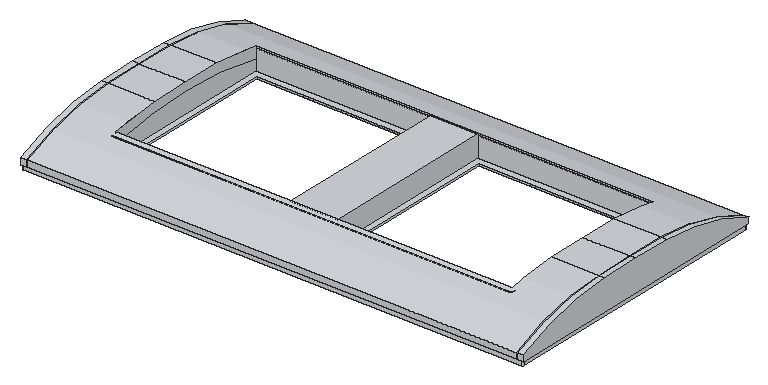
Revit family "Gira_021213", category Electrical Fixtures, host Face, Revit 2017
Family settings
  Host = Face
  Maintain Annotation Orientation = No
  Round Connector Dimension = Use Diameter
  Part Type = Normal
  Cut with Voids When Loaded = No
  Shared = No
  Room Calculation Point = No
Parameters (values of type "Cov.fr. 2-g interm.fr. AN Gira Event Opaque dark brown")
  With mounting grid = "No"
  With hinged lid = "No"
  URL = "http://katalog.gira.de/en/datenblatt.html?artikelnr=021213"
  Type of fastening = "Clamp mounting"
  Transparent = "No"
  Surface protection = "Other"
  Suitable for wall duct = "No"
  Suitable for flush-mounted installation = "Yes"
  Suitable for floor box = "No"
  Suitable for built-in installation = "No"
  Number of units vertical = "2"
  Number of units horizontal = "2"
  Number of units = "2"
  Name = "Cov.fr. 2-g interm.fr. AN Gira Event Opaque dark brown"
  Mounting direction = "Horizontal and vertical"
  Material quality = "Thermoplastic"
  Material = "Plastic"
  Manufacturer URL = "https://www.gira.de/"
  Manufacturer = "Gira"
  Label space/information surface = "No"
  Keynote = ""
  HeinzeBIM = "https://bimportal.heinze.de/bim/cov-fr-2-g-interm-fr-an-gira-event-opaque-dark-brown/13d77283cf392824c92996e879d47d07369f5f02"
  Halogen free = "Yes"
  HAN = "021213"
  GTIN = "4010337003106"
  Description = "Cov.fr.2g i.fr.AN EvOp DBN,Gira Event Opaque frames,dark brown with anthracite intermediate frame,2-gang,Features:,- Shatter-proof."
  Degree of protection (IP) = "IP20"
  Default Elevation = 1219.2 mm
  Data sheet (1) = "https://katalog.gira.de/en/download.html?artikelnr=021213"
  Colour = "Brown"
  Category = "Cover frame for domestic switching devices"
  BIM (1) = "https://media.stage.bim.site/public/gira/36a6b08/Event_Rahmen_2fach.rfa"
  Available = "No"
Reference planes
  plane 1 "Center (Front/Back)": y = 0
  plane 2: z = 0
  plane 3 "Center (Left/Right)": x = 0
Forms (mm)
  Extrusion 1, solid, detail levels fine
    sketch origin (0, 0, 0.05) x (0, 1, 0) y (0, 0, 1)
      loop
        arc (12.445, 9.683) -> (6.223, 9.833) -> (0, 9.85) r 291.636
        arc (0, 9.85) -> (-6.223, 9.833) -> (-12.445, 9.683) r 291.636
        arc (-12.445, 9.683) -> (-29.14, 7.482) -> (-45, 1.823) r 79.728
        line (-45, 1.823) -> (-45, -0.05) -> (-42.086, -0.05)
        arc (-42.086, -0.05) -> (-21.385, 5.559) -> (0, 7.206) r 114.424
        arc (0, 7.206) -> (21.385, 5.559) -> (42.086, -0.05) r 114.424
        line (42.086, -0.05) -> (45, -0.05) -> (45, 1.823)
        arc (45, 1.823) -> (29.14, 7.482) -> (12.445, 9.683) r 79.728
    from -78.55 to 78.55
  Extrusion 2, void, detail levels fine
    sketch origin (0, 0, 0) x (1, 0, 0) y (0, 1, 0)
      loop
        line (-63.55, -27.937) -> (63.55, -27.937) -> (63.55, 28.063) -> (-63.55, 28.063) -> (-63.55, -27.937)
    from 0.724 to 11
  Extrusion 3, solid, detail levels coarse
    sketch origin (0, 0, 0) x (1, 0, 0) y (0, 1, 0)
      loop
        line (-80.55, 45) -> (-80.55, -45) -> (80.55, -45) -> (80.55, 45) -> (-80.55, 45)
    from -1.5 to 9.9
  Extrusion 4, solid, detail levels medium
    sketch origin (0, 0, 0.05) x (0, 1, 0) y (0, 0, 1)
      loop
        arc (12.445, 9.683) -> (6.223, 9.833) -> (0, 9.85) r 291.636
        arc (0, 9.85) -> (-6.223, 9.833) -> (-12.445, 9.683) r 291.636
        arc (-12.445, 9.683) -> (-29.14, 7.482) -> (-45, 1.823) r 79.728
        line (-45, 1.823) -> (-45, -0.05) -> (45, -0.05) -> (45, 1.823)
        arc (45, 1.823) -> (29.14, 7.482) -> (12.445, 9.683) r 79.728
    from -80.55 to 80.55
  Extrusion 5, solid, detail levels fine
    sketch origin (-35.55, 0, -1.5) x (0, 1, 0) y (0, 0, -1)
      loop
        line (45, -3.373) -> (45, -1.5) -> (-45, -1.5) -> (-45, -3.373)
        arc (-45, -3.373) -> (-29.14, -9.032) -> (-12.445, -11.233) r 79.728
        arc (-12.445, -11.233) -> (-6.223, -11.383) -> (0, -11.4) r 291.636
        arc (0, -11.4) -> (6.223, -11.383) -> (12.445, -11.233) r 291.636
        arc (12.445, -11.233) -> (29.14, -9.032) -> (45, -3.373) r 79.728
    from 43 to 45
  Extrusion 6, solid, detail levels fine
    sketch origin (0, 0, 0) x (1, 0, 0) y (0, 1, 0)
      loop
        line (-61.45, 25.7) -> (-61.45, -25.7) -> (-9.65, -25.7) -> (-9.65, 25.7) -> (-61.45, 25.7)
      loop
        line (61.45, -25.7) -> (61.45, 25.7) -> (9.65, 25.7) -> (9.65, -25.7) -> (61.45, -25.7)
      loop
        line (-64.445, 28.49) -> (-64.445, -28.495)
        spline (-64.445, -28.495) -> (-64.436, -28.625) -> (-64.411, -28.754) -> (-64.369, -28.878) -> (-64.311, -28.995) -> (-64.238, -29.104) -> (-64.152, -29.202) -> (-64.054, -29.288) -> (-63.945, -29.361) -> (-63.828, -29.419) -> (-63.704, -29.461) -> (-63.575, -29.486) -> (-63.445, -29.495)
        line (-63.445, -29.495) -> (63.445, -29.495)
        spline (63.445, -29.495) -> (63.575, -29.486) -> (63.704, -29.461) -> (63.828, -29.419) -> (63.945, -29.361) -> (64.054, -29.288) -> (64.152, -29.202) -> (64.238, -29.104) -> (64.311, -28.995) -> (64.369, -28.878) -> (64.411, -28.754) -> (64.436, -28.625) -> (64.445, -28.495)
        line (64.445, -28.495) -> (64.445, 28.49)
        spline (64.445, 28.49) -> (64.436, 28.62) -> (64.411, 28.748) -> (64.369, 28.872) -> (64.311, 28.99) -> (64.238, 29.098) -> (64.152, 29.197) -> (64.054, 29.283) -> (63.945, 29.356) -> (63.828, 29.413) -> (63.704, 29.456) -> (63.575, 29.481) -> (63.445, 29.49)
        line (63.445, 29.49) -> (-63.445, 29.49)
        spline (-63.445, 29.49) -> (-63.575, 29.481) -> (-63.704, 29.456) -> (-63.828, 29.413) -> (-63.945, 29.356) -> (-64.054, 29.283) -> (-64.152, 29.197) -> (-64.238, 29.098) -> (-64.311, 28.99) -> (-64.369, 28.872) -> (-64.411, 28.748) -> (-64.436, 28.62) -> (-64.445, 28.49)
    from 0.1 to 7.3
  Extrusion 7, solid
    sketch origin (0, 0, 0) x (1, 0, 0) y (0, 1, 0)
      loop
        arc (-80.25, -44.2) -> (-80.104, -44.554) -> (-79.75, -44.7) r 0.5
        line (-79.75, -44.7) -> (79.75, -44.7)
        arc (79.75, -44.7) -> (80.104, -44.554) -> (80.25, -44.2) r 0.5
        line (80.25, -44.2) -> (80.25, 44.2)
        arc (80.25, 44.2) -> (80.104, 44.554) -> (79.75, 44.7) r 0.5
        line (79.75, 44.7) -> (-79.75, 44.7)
        arc (-79.75, 44.7) -> (-80.104, 44.554) -> (-80.25, 44.2) r 0.5
        line (-80.25, 44.2) -> (-80.25, -44.2)
      loop
        line (-78.55, 43) -> (-78.55, -43) -> (78.55, -43) -> (78.55, 43) -> (-78.55, 43)
    from -1.5 to 0.5
  Extrusion 8, solid, detail levels fine
    sketch origin (35.55, 0, -1.5) x (0, 1, 0) y (0, 0, 1)
      loop
        arc (45, 3.373) -> (29.14, 9.032) -> (12.445, 11.233) r 79.728
        arc (12.445, 11.233) -> (6.223, 11.383) -> (0, 11.4) r 291.636
        arc (0, 11.4) -> (-6.223, 11.383) -> (-12.445, 11.233) r 291.636
        arc (-12.445, 11.233) -> (-29.14, 9.032) -> (-45, 3.373) r 79.728
        line (-45, 3.373) -> (-45, 1.5) -> (45, 1.5) -> (45, 3.373)
    from 43 to 45
  Extrusion 9, solid, detail levels medium
    sketch origin (0, 0, 0) x (1, 0, 0) y (0, 1, 0)
      loop
        line (-80.25, -44.7) -> (80.25, -44.7) -> (80.25, 44.7) -> (-80.25, 44.7) -> (-80.25, -44.7)
    from -1.5 to 0.5
  Extrusion 10, solid, detail levels fine
    sketch origin (0, 0, 0) x (1, 0, 0) y (0, 1, 0)
      loop
        line (-7.55, 28.063) -> (-7.55, -27.937) -> (7.55, -27.937) -> (7.55, 28.063) -> (-7.55, 28.063)
    from 0.724 to 7.566
Cuts and joins
  Extrusion 2 cuts Extrusion 1
  Extrusion 2 cuts Extrusion 6
Dimensions and locks
  aligned and locked: plane 2 to host face
  aligned and locked: level to host face
